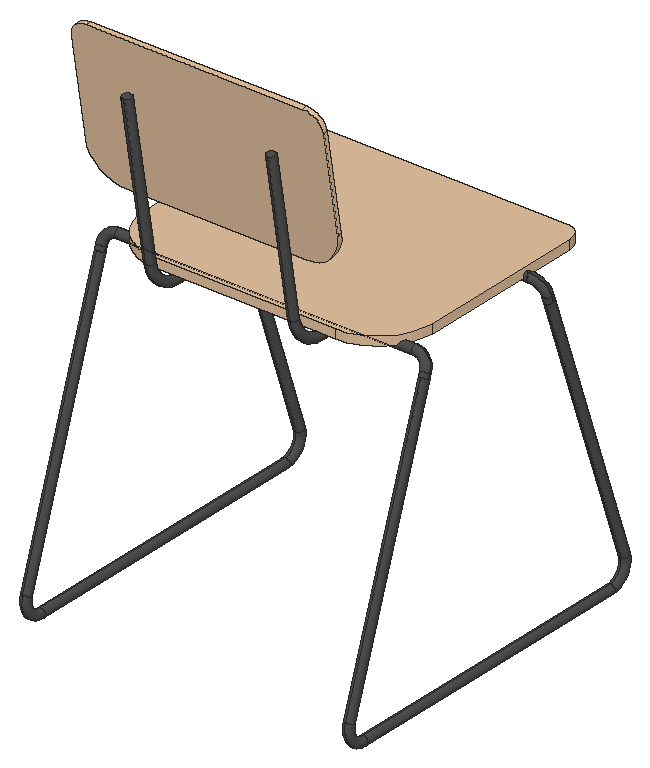
Revit family "Chair-Stacking", category Furniture, Revit 2018
Family settings
  OmniClass Number = 23.40.20.14.14.11
  OmniClass Title = Chairs
  Work Plane-Based = No
  Always vertical = Yes
  Cut with Voids When Loaded = No
  Shared = Yes
  Room Calculation Point = No
Parameters (values of type "Chair-Stacking")
  Assembly Code = "E2020200"
  Seat/Back Material = Cherry
Reference planes (in)
  plane 1 "Center (Front/Back)": y = 4.28864
  plane 2: z = 0
  plane 3 "Center (Left/Right)": x = -7.04918
  plane 4: x = 1.95082
  plane 5: x = -16.04918
  plane 6: y = 0.28864
  plane 7: y = 14.28864
  plane 8: y = -5.71136
  plane 9: y = 8.28864
  plane 10: z = 30.75
  plane 11: z = 17.5
  plane 12: z = 16.5
  plane 13: y = -0.05919
  plane 14: y = 8.63239
  plane 15: through (0, -5.1106, 1.75221) normal (0, -0.9459, 0.3243)
  plane 16: through (0, 12.78567, 4.38366) normal (0, -0.9459, -0.3243)
  plane 17: z = 16.5
  plane 18: y = 8.63239
  plane 19: y = -0.05511
  plane 20: through (0, 0.68926, 0.12154) normal (0, -0.9848, -0.1736)
  plane 21 "Seat": z = 18
  plane 22: x = -3.04918
  plane 23: x = -11.04918
  plane 24: z = 27.75
  plane 25: z = 27.75
Forms (in)
  Sweep 1, solid, material "Steel, Chrome Plated"
    path origin (1.95082, 0, 0) x (0, -1, 0) y (0, 0, 1)
      loop
        line (-8.63239, 16.5) -> (-13.82647, 1.57875)
        arc (-13.82647, 1.57875) -> (-13.69714, 0.67067) -> (-12.88205, 0.25) r 1
        line (-12.88205, 0.25) -> (4.30477, 0.25)
        arc (4.30477, 0.25) -> (5.11979, 0.67057) -> (5.24927, 1.57852) r 1
        line (5.24927, 1.57852) -> (0.05919, 16.5)
    profile origin (1.95082, 4.28864, 0) x (0, 0, 1) y (-1, 0, 0)
      loop
        circle (0.25, 0) r 0.25
  Sweep 2, solid, material "Steel, Chrome Plated"
    path origin (-16.04918, 0, 0) x (0, -1, 0) y (0, 0, 1)
      loop
        line (-8.63159, 16.49972) -> (-13.74887, 1.57432)
        arc (-13.74887, 1.57432) -> (-13.61666, 0.66876) -> (-12.80293, 0.25) r 1
        line (-12.80293, 0.25) -> (4.22565, 0.25)
        arc (4.22565, 0.25) -> (5.03938, 0.66876) -> (5.17159, 1.57432) r 1
        line (5.17159, 1.57432) -> (0.05511, 16.4974)
    profile origin (-16.04918, 4.28864, 0) x (0, 0, 1) y (-1, 0, 0)
      loop
        circle (0.25, 0) r 0.25
  Sweep 3, solid, material "Steel, Chrome Plated"
    path origin (0, -5.1106, 1.75221) x (0, -0.324324, -0.945946) y (1, 0, 0)
      loop
        line (-15.59002, 1.95082) -> (-15.85414, 1.95082)
        arc (-15.85414, 1.95082) -> (-16.38447, 1.73115) -> (-16.60414, 1.20082) r 0.75
        line (-16.60414, 1.20082) -> (-16.60414, -15.29918)
        arc (-16.60414, -15.29918) -> (-16.38447, -15.82951) -> (-15.85414, -16.04918) r 0.75
        line (-15.85414, -16.04918) -> (-15.58777, -16.04918)
    profile origin (-7.04918, -5.1106, 1.75221) x (0, -0.324324, -0.945946) y (0, -0.945946, 0.324324)
      loop
        circle (-16.60414, 0) r 0.25
  Sweep 4, solid, material "Steel, Chrome Plated"
    path origin (0, 12.78567, 4.38366) x (0, 0.324324, -0.945946) y (1, 0, 0)
      loop
        line (-12.80958, 1.95082) -> (-13.16539, 1.95082)
        arc (-13.16539, 1.95082) -> (-13.69572, 1.73115) -> (-13.91539, 1.20082) r 0.75
        line (-13.91539, 1.20082) -> (-13.91539, -15.04918)
        arc (-13.91539, -15.04918) -> (-13.62249, -15.75629) -> (-12.91539, -16.04918) r 1
        line (-12.91539, -16.04918) -> (-12.80841, -16.04918)
    profile origin (-6.92418, 12.78567, 4.38366) x (0, 0.324324, -0.945946) y (0, -0.945946, -0.324324)
      loop
        circle (-13.91539, 0) r 0.25
  Extrusion 5, solid, material "Cherry" <- "Seat/Back Material"
    sketch origin (0, 0.68926, 0.12154) x (0, 0.173648, -0.984808) y (1, 0, 0)
      loop
        arc (-31.16548, -13.04918) -> (-30.87259, -13.75629) -> (-30.16548, -14.04918) r 1
        line (-30.16548, -14.04918) -> (-24.53945, -14.04918)
        arc (-24.53945, -14.04918) -> (-23.12523, -13.46339) -> (-22.53945, -12.04918) r 2
        line (-22.53945, -12.04918) -> (-22.53945, -2.04918)
        arc (-22.53945, -2.04918) -> (-23.12523, -0.63497) -> (-24.53945, -0.04918) r 2
        line (-24.53945, -0.04918) -> (-30.16548, -0.04918)
        arc (-30.16548, -0.04918) -> (-30.87259, -0.34207) -> (-31.16548, -1.04918) r 1
        line (-31.16548, -1.04918) -> (-31.16548, -13.04918)
    from 0 to -0.25
  Extrusion 6, solid, material "Cherry" <- "Seat/Back Material"
    sketch origin (0, 0, 18) x (1, 0, 0) y (0, 1, 0)
      loop
        arc (-14.04918, 12.28864) -> (-14.75629, 11.99575) -> (-15.04918, 11.28864) r 1
        line (-15.04918, 11.28864) -> (-15.04918, 1.78864)
        arc (-15.04918, 1.78864) -> (-14.1705, -0.33268) -> (-12.04918, -1.21136) r 3
        line (-12.04918, -1.21136) -> (-2.04918, -1.21136)
        arc (-2.04918, -1.21136) -> (0.07214, -0.33268) -> (0.95082, 1.78864) r 3
        line (0.95082, 1.78864) -> (0.95082, 11.28864)
        arc (0.95082, 11.28864) -> (0.65793, 11.99575) -> (-0.04918, 12.28864) r 1
        line (-0.04918, 12.28864) -> (-14.04918, 12.28864)
    from -0.5 to 0
  Sweep 7, solid, material "Steel, Chrome Plated"
    path origin (-3.04918, 0, 0) x (0, -1, 0) y (0, 0, 1)
      loop
        line (-8.39629, 17.25) -> (0.9066, 17.25)
        arc (0.9066, 17.25) -> (2.19218, 17.71791) -> (2.87622, 18.9027) r 2
        line (2.87622, 18.9027) -> (4.43624, 27.75)
    profile origin (-3.04918, 3.74484, 0) x (0, 0, 1) y (-1, 0, 0)
      loop
        circle (17.25, 0) r 0.25
  Sweep 8, solid, material "Steel, Chrome Plated"
    path origin (-11.04918, 0, 0) x (0, -1, 0) y (0, 0, 1)
      loop
        line (-8.39629, 17.25) -> (0.9066, 17.25)
        arc (0.9066, 17.25) -> (2.19218, 17.71791) -> (2.87622, 18.9027) r 2
        line (2.87622, 18.9027) -> (4.44782, 27.81571)
    profile origin (-11.04918, 3.74484, 0) x (0, 0, 1) y (-1, 0, 0)
      loop
        circle (17.25, 0) r 0.25
Lines and regions (in)
  Masking region 1
    outline origin (0, 0, 18) x (1, 0, 0) y (0, 1, 0)
      loop
        line (-13.54918, -4.97199) -> (-0.54918, -4.97199)
        arc (-0.54918, -4.97199) -> (-0.19563, -4.82554) -> (-0.04918, -4.47199) r 0.5
        line (-0.04918, -4.47199) -> (-0.04918, -3.31292)
        arc (-0.04918, -3.31292) -> (-0.19563, -2.95936) -> (-0.54918, -2.81292) r 0.5
        line (-0.54918, -2.81292) -> (-2.63225, -2.81292) -> (-2.63225, -1.21136) -> (-2.04918, -1.21136)
        arc (-2.04918, -1.21136) -> (0.07214, -0.33268) -> (0.95082, 1.78864) r 3
        line (0.95082, 1.78864) -> (1.70082, 1.78864) -> (1.70082, -5.294) -> (2.30674, -5.294) -> (2.30674, 13.91262) -> (1.70082, 13.91262) -> (1.70082, 8.63121) -> (0.95082, 8.63121) -> (0.95082, 11.28864)
        arc (0.95082, 11.28864) -> (0.65793, 11.99575) -> (-0.04918, 12.28864) r 1
        line (-0.04918, 12.28864) -> (-14.04918, 12.28864)
        arc (-14.04918, 12.28864) -> (-14.75629, 11.99575) -> (-15.04918, 11.28864) r 1
        line (-15.04918, 11.28864) -> (-15.04918, 8.5969) -> (-15.79918, 8.5969) -> (-15.79918, 13.91262) -> (-16.401, 13.91262) -> (-16.401, -5.294) -> (-15.79918, -5.294) -> (-15.79918, 1.78864) -> (-15.04918, 1.78864)
        arc (-15.04918, 1.78864) -> (-14.1705, -0.33268) -> (-12.04918, -1.21136) r 3
        line (-12.04918, -1.21136) -> (-11.45578, -1.21136) -> (-11.45578, -2.81292) -> (-13.54918, -2.81292)
        arc (-13.54918, -2.81292) -> (-13.90273, -2.95936) -> (-14.04918, -3.31292) r 0.5
        line (-14.04918, -3.31292) -> (-14.04918, -4.47199)
        arc (-14.04918, -4.47199) -> (-13.90273, -4.82554) -> (-13.54918, -4.97199) r 0.5
      loop
        line (-15.04918, 2.45844) -> (-15.04918, 8.00492) -> (-15.79918, 8.00492) -> (-15.79918, 2.45844) -> (-15.04918, 2.45844)
      loop
        line (0.95082, 8.00492) -> (0.95082, 2.45844) -> (1.70082, 2.45844) -> (1.70082, 8.00492) -> (0.95082, 8.00492)
      loop
        line (-3.33701, -1.21136) -> (-10.73694, -1.21136) -> (-10.73694, -2.81292) -> (-3.33701, -2.81292) -> (-3.33701, -1.21136)
  symbolic lines
    curve 1: line (-14.04918, 12.28864, 18) -> (-0.04918, 12.28864, 18)
    curve 2: line (-15.04918, 11.28864, 18) -> (-15.04918, 1.78864, 18)
    curve 3: line (-12.04918, -1.21136, 18) -> (-2.04918, -1.21136, 18)
    curve 4: line (0.95082, 11.28864, 18) -> (0.95082, 1.78864, 18)
    curve 5: arc (-14.04918, 12.28864, 18) -> (-14.75629, 11.99575, 18) -> (-15.04918, 11.28864, 18) r 1
    curve 6: arc (-0.04918, 12.28864, 18) -> (0.65793, 11.99575, 18) -> (0.95082, 11.28864, 18) r 1
    curve 7: arc (0.95082, 1.78864, 18) -> (0.07214, -0.33268, 18) -> (-2.04918, -1.21136, 18) r 3
    curve 8: arc (-12.04918, -1.21136, 18) -> (-14.1705, -0.33268, 18) -> (-15.04918, 1.78864, 18) r 3
    curve 9: line (-13.54918, -2.81292, 18) -> (-0.54918, -2.81292, 18)
    curve 10: line (-14.04918, -3.31292, 18) -> (-14.04918, -4.47199, 18)
    curve 11: line (-13.54918, -4.97199, 18) -> (-0.54918, -4.97199, 18)
    curve 12: line (-0.04918, -3.31292, 18) -> (-0.04918, -4.47199, 18)
    curve 13: arc (-13.54918, -2.81292, 18) -> (-13.90273, -2.95936, 18) -> (-14.04918, -3.31292, 18) r 0.5
    curve 14: arc (-13.54918, -4.97199, 18) -> (-13.90273, -4.82554, 18) -> (-14.04918, -4.47199, 18) r 0.5
    curve 15: arc (-0.54918, -2.81292, 18) -> (-0.19563, -2.95936, 18) -> (-0.04918, -3.31292, 18) r 0.5
    curve 16: arc (-0.04918, -4.47199, 18) -> (-0.19563, -4.82554, 18) -> (-0.54918, -4.97199, 18) r 0.5
    curve 17: line (-11.45578, -1.21136, 18) -> (-10.73694, -1.21136, 18)
    curve 18: line (-11.45578, -1.21136, 18) -> (-11.45578, -2.81292, 18)
    curve 19: line (-10.73694, -1.21136, 18) -> (-10.73694, -2.81292, 18)
    curve 20: line (-2.63225, -1.21136, 18) -> (-3.33701, -1.21136, 18)
    curve 21: line (-2.63225, -1.21136, 18) -> (-2.63225, -2.81292, 18)
    curve 22: line (-3.33701, -1.21136, 18) -> (-3.33701, -2.81292, 18)
    curve 23: line (-15.04918, 8.00492, 18) -> (-15.79918, 8.00492, 18)
    curve 24: line (-15.04918, 8.00492, 18) -> (-15.04918, 8.5969, 18)
    curve 25: line (-15.04918, 8.5969, 18) -> (-15.79918, 8.5969, 18)
    curve 26: line (-15.79918, 8.00492, 18) -> (-15.79918, 8.5969, 18)
    curve 27: line (0.95082, 8.00492, 18) -> (1.70082, 8.00492, 18)
    curve 28: line (0.95082, 8.00492, 18) -> (0.95082, 8.63121, 18)
    curve 29: line (0.95082, 8.63121, 18) -> (1.70082, 8.63121, 18)
    curve 30: line (1.70082, 8.00492, 18) -> (1.70082, 8.63121, 18)
    curve 31: line (-15.04918, 1.78864, 18) -> (-15.79918, 1.78864, 18)
    curve 32: line (-15.04918, 1.78864, 18) -> (-15.04918, 2.45844, 18)
    curve 33: line (-15.04918, 2.45844, 18) -> (-15.79918, 2.45844, 18)
    curve 34: line (-15.79918, 1.78864, 18) -> (-15.79918, 2.45844, 18)
    curve 35: line (0.95082, 1.78864, 18) -> (1.70082, 1.78864, 18)
    curve 36: line (0.95082, 1.78864, 18) -> (0.95082, 2.45844, 18)
    curve 37: line (0.95082, 2.45844, 18) -> (1.70082, 2.45844, 18)
    curve 38: line (1.70082, 1.78864, 18) -> (1.70082, 2.45844, 18)
    curve 39: line (-16.401, -5.294, 18) -> (-15.79918, -5.294, 18)
    curve 40: line (-16.401, 13.91262, 18) -> (-16.401, -5.294, 18)
    curve 41: line (-15.79918, 13.91262, 18) -> (-16.401, 13.91262, 18)
    curve 42: line (-15.79918, -5.294, 18) -> (-15.79918, 13.91262, 18)
    curve 43: line (2.30674, -5.294, 18) -> (1.70082, -5.294, 18)
    curve 44: line (2.30674, 13.91262, 18) -> (2.30674, -5.294, 18)
    curve 45: line (1.70082, 13.91262, 18) -> (2.30674, 13.91262, 18)
    curve 46: line (1.70082, -5.294, 18) -> (1.70082, 13.91262, 18)
Dimensions and locks (in)
  equal spacing: plane 5, plane 3 "Center (Left/Right)", plane 4
  locked: plane 5 to plane 4 at 18
  equal spacing: plane 8, plane 1 "Center (Front/Back)", plane 7
  locked: plane 8 to plane 7 at 20
Automatic sketch dimensions
  plane 5 to Masking region 1 sketch curve = 0' - 0.35182"
  Masking region 1 sketch curve to plane 5 = 0' - 0 1/4"  (x3)
  Masking region 1 sketch curve to plane 5 = 0' - 1"
  plane 9 to Masking region 1 sketch curve = 0' - 0.28372"  (x2)
  Masking region 1 sketch curve to Masking region 1 sketch curve = 0' - 0"  (x8)
  Masking region 1 sketch curve to Masking region 1 sketch curve = 0' - 1"
  Masking region 1 sketch curve to Masking region 1 sketch curve = 0' - 1 3/4"
  Masking region 1 sketch curve to Masking region 1 sketch curve = 0' - 0 1/2"  (x3)
  plane 23 to Masking region 1 sketch curve = 0' - 1"
  plane 23 to Masking region 1 sketch curve = 0' - 0.4066"
  Masking region 1 sketch curve to plane 23 = 0' - 0.31224"
  plane 22 to Masking region 1 sketch curve = 0' - 0.28783"
  Masking region 1 sketch curve to plane 22 = 0' - 0.41693"
  Masking region 1 sketch curve to plane 22 = 0' - 1"
  Masking region 1 sketch curve to Masking region 1 sketch curve = 0' - 2.08307"
  Masking region 1 sketch curve to plane 8 = 0' - 0.73937"
  plane 4 to Masking region 1 sketch curve = 0' - 2"
  plane 4 to Masking region 1 sketch curve = 0' - 1"
  plane 4 to Masking region 1 sketch curve = 0' - 0 1/4"  (x3)
  Masking region 1 sketch curve to plane 4 = 0' - 0.35592"
  Masking region 1 sketch curve to plane 8 = 0' - 0.41736"  (x2)
  Masking region 1 sketch curve to Masking region 1 sketch curve = 0' - 1.15907"  (x2)
  plane 6 to Masking region 1 sketch curve = 0' - 1 1/2"
  Masking region 1 sketch curve to Masking region 1 sketch curve = 0' - 0.6698"  (x2)
  Masking region 1 sketch curve to plane 9 = 0' - 0.30826"
  Masking region 1 sketch curve to plane 9 = 0' - 0.34257"
  Masking region 1 sketch curve to Masking region 1 sketch curve = 0' - 2.65743"
  plane 7 to Masking region 1 sketch curve = 0' - 0.37602"  (x2)
  plane 5 to curve 40 = 0' - 0.35182"
  curve 23 to plane 5 = 0' - 0 1/4"
  curve 42 to plane 5 = 0' - 0 1/4"
  curve 33 to plane 5 = 0' - 0 1/4"
  curve 5 to plane 5 = 0' - 1"
  curve 25 to plane 9 = 0' - 0.30826"
  curve 25 to curve 25 = 0' - 0 3/4"
  curve 2 to curve 1 = 0' - 1"
  curve 13 to plane 5 = 0' - 2"
  curve 14 to curve 14 = 0' - 0 1/2"
  curve 13 to curve 9 = 0' - 0 1/2"
  plane 23 to curve 8 = 0' - 1"
  plane 23 to curve 17 = 0' - 0.4066"
  curve 19 to plane 23 = 0' - 0.31224"
  plane 22 to curve 22 = 0' - 0.28783"
  curve 21 to plane 22 = 0' - 0.41693"
  curve 20 to curve 7 = 0' - 0.58307"
  curve 21 to curve 15 = 0' - 2.08307"
  curve 11 to plane 8 = 0' - 0.73937"
  curve 11 to curve 15 = 0' - 0"
  plane 4 to curve 6 = 0' - 2"
  curve 15 to curve 12 = 0' - 0 1/2"
  plane 4 to curve 4 = 0' - 1"
  curve 29 to plane 9 = 0' - 0.34257"
  plane 4 to curve 29 = 0' - 1"
  plane 4 to curve 38 = 0' - 0 1/4"
  plane 4 to curve 30 = 0' - 0 1/4"
  plane 4 to curve 46 = 0' - 0 1/4"
  curve 45 to plane 4 = 0' - 0.35592"
  curve 46 to plane 8 = 0' - 0.41736"
  curve 40 to plane 8 = 0' - 0.41736"
  curve 12 to curve 15 = 0' - 1.15907"
  plane 6 to curve 3 = 0' - 1 1/2"
  curve 19 to curve 3 = 0' - 0"
  curve 20 to curve 3 = 0' - 0"
  curve 31 to curve 34 = 0' - 0.6698"
  curve 35 to curve 38 = 0' - 0.6698"
  plane 9 to curve 23 = 0' - 0.28372"
  plane 9 to curve 27 = 0' - 0.28372"
  curve 28 to curve 6 = 0' - 2.65743"
  plane 7 to curve 41 = 0' - 0.37602"
  plane 7 to curve 44 = 0' - 0.37602"
